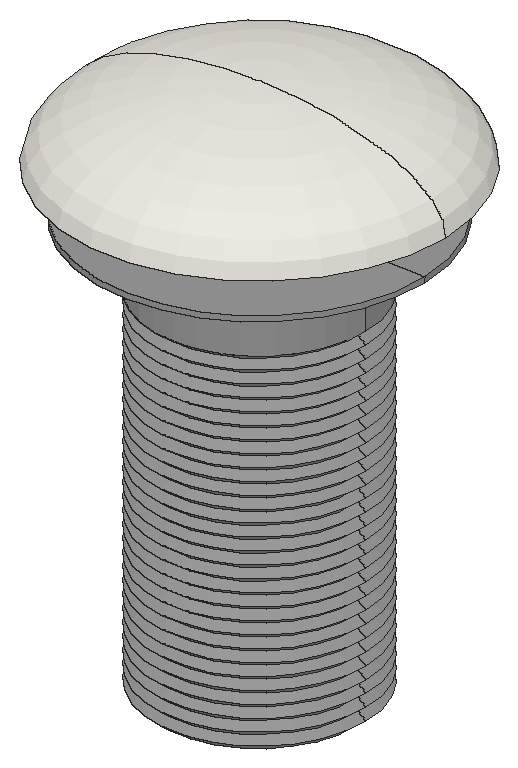
Revit family "BUILDMAT-POPCALCM-32MM_Pop_Up_Waste-Aster_Calcatta", category Plumbing Fixtures, Revit 2026
Family settings
  Round Connector Dimension = Use Diameter
  Part Type = Normal
  Work Plane-Based = Yes
  Enable Cutting in Views = Yes
  Always vertical = Yes
  Cut with Voids When Loaded = Yes
  Maintain Annotation Orientation = No
  Shared = No
  Room Calculation Point = No
Parameters
  Width = 70 mm
  PopUp_Material = BM_ASTER CALCATTA
  MainBody_Material = BM_STAINLESS STEEL
  Lock_Material = BM_BRASS GOLD
  Depth = 70 mm
  Default Elevation = 1219.2 mm
Reference planes
  plane 1 "Center (Front/Back)": y = 0
  plane 2: z = 0
  plane 3 "Center (Left/Right)": x = 0
  plane 4: z = 1
  plane 5: z = -5
  plane 6: z = -12
  plane 7: z = -78.68
  plane 8: z = 6
  plane 9: z = 9
  plane 10: z = 22.977
  plane 11: x = 35
  plane 12: x = -35
  plane 13: y = 35
  plane 14: y = -35
Forms (mm)
  Revolve 1, solid, material "BM_STAINLESS STEEL" <- "MainBody_Material"
    sketch origin (0, 0, -0.397) x (1, 0, 0) y (0, 0, 1)
      loop
        line (0, 1.248) -> (0, -11.603) -> (-20.005, -11.603) -> (-20.005, -3.848)
        arc (-20.005, -3.848) -> (-20.487, -2.811) -> (-21.458, -2.207) r 2
        line (-21.458, -2.207) -> (-31.017, 0.397) -> (-31.017, 1.397) -> (0, 1.397)
      axis (0, 1.397) -> (0, -11.603)
    angle from 0 to 360
  Revolve 2, solid, material "BM_STAINLESS STEEL" <- "MainBody_Material"
    sketch origin (0, 0, -4.369) x (1, 0, 0) y (0, 0, 1)
      loop
        line (0, -7.631) -> (-19.969, -7.631) -> (-18.48, -8.794) -> (-19.975, -9.962) -> (-18.48, -11.131) -> (-19.975, -12.299) -> (-18.48, -13.467) -> (-19.975, -14.635) -> (-18.48, -15.803) -> (-19.975, -16.971) -> (-18.48, -18.139) -> (-19.975, -19.308) -> (-18.48, -20.476) -> (-19.975, -21.644) -> (-18.48, -22.812) -> (-19.975, -23.98) -> (-18.48, -25.148) -> (-19.975, -26.316) -> (-18.48, -27.485) -> (-19.975, -28.653) -> (-18.48, -29.821) -> (-19.975, -30.989) -> (-18.48, -32.157) -> (-19.975, -33.325) -> (-18.48, -34.493) -> (-19.975, -35.662) -> (-18.48, -36.83) -> (-19.975, -37.998) -> (-18.48, -39.166) -> (-19.975, -40.334) -> (-18.48, -41.502) -> (-19.975, -42.67) -> (-18.48, -43.839) -> (-19.975, -45.007) -> (-18.48, -46.175) -> (-19.975, -47.343) -> (-18.48, -48.511) -> (-19.975, -49.679) -> (-18.48, -50.847) -> (-19.975, -52.016) -> (-18.48, -53.184) -> (-19.975, -54.352) -> (-18.48, -55.52) -> (-19.975, -56.688) -> (-18.48, -57.856) -> (-19.975, -59.024) -> (-18.48, -60.193) -> (-19.975, -61.361) -> (-18.48, -62.529) -> (-19.975, -63.697) -> (-18.48, -64.865) -> (-19.975, -66.033) -> (-18.48, -67.201) -> (-19.975, -68.369) -> (-18.48, -69.538) -> (-19.975, -70.706) -> (-18.48, -71.874) -> (-19.975, -73.042) -> (-18.351, -74.311) -> (0, -74.311) -> (0, -7.631)
      axis (0, -7.631) -> (0, -74.311)
    angle from 0 to 360
  Extrusion 3, solid, material "BM_BRASS GOLD" <- "Lock_Material"
    sketch origin (0, 0, 0) x (1, 0, 0) y (0, 1, 0)
      loop
        circle (0, 0) r 14.5
    from 1 to 6
  Revolve 4, solid, material "BM_ASTER CALCATTA" <- "PopUp_Material"
    sketch origin (0, 0, 8.488) x (1, 0, 0) y (0, 0, 1)
      loop
        arc (-19.017, 0.512) -> (-18.008, -0.858) -> (-17.517, -2.488) r 5
        line (-17.517, -2.488) -> (0, -2.488) -> (0, 0.512) -> (0, 14.512)
        spline (0, 14.512) -> (-4.569, 14.392) -> (-9.06, 14.034) -> (-13.395, 13.445) -> (-17.501, 12.635) -> (-21.308, 11.617) -> (-24.75, 10.41) -> (-27.768, 9.033) -> (-30.311, 7.51) -> (-32.336, 5.868) -> (-33.808, 4.135) -> (-34.701, 2.339) -> (-35, 0.512)
        line (-35, 0.512) -> (-19.017, 0.512)
      axis (0, 14.512) -> (0, -2.488)
    angle from 0 to 360
Text (mm)
  text "Refer to www.buildmat.com.au for the most current product literature. \nAllow a +/- 5mm tolerance for dimensions shown in the product literature. \nPlease note product details are subject to change due to ongoing product development." at (-1.255, -131.559, 0), in view "Ref. Level"
Dimensions and locks
  plane 4 to plane 7 = 79.68 mm
  "Depth": plane 13 to plane 14
  equal spacing: plane 13, plane 1 "Center (Front/Back)", plane 14
  "Width": plane 12 to plane 11
  equal spacing: plane 12, plane 3 "Center (Left/Right)", plane 11
  aligned and locked: level to plane 2
Automatic sketch dimensions
  Revolve 1 sketch curve to level = 0 mm
  Revolve 1 sketch curve to plane 4 = 0 mm
  Revolve 1 sketch curve to plane 6 = 0 mm  (x2)
  Revolve 1 sketch curve to plane 3 "Center (Left/Right)" = 0 mm  (x3)
  plane 5 to Revolve 1 sketch curve = 0.755 mm
  plane 12 to Revolve 1 sketch curve = 14.995 mm
  plane 5 to Revolve 1 sketch curve = 2.396 mm
  Revolve 1 sketch curve to Revolve 1 sketch curve = 1.453 mm
  plane 5 to Revolve 1 sketch curve = 0.466 mm
  plane 12 to Revolve 1 sketch curve = 3.983 mm
  Revolve 1 sketch curve to plane 4 = 0.149 mm
  Revolve 1 sketch curve to Revolve 1 sketch curve = 0.245 mm
  Revolve 2 sketch curve to plane 6 = 0 mm
  Revolve 2 sketch curve to plane 7 = 0 mm
  Revolve 2 sketch curve to plane 3 "Center (Left/Right)" = 0 mm  (x2)
  plane 12 to Revolve 2 sketch curve = 16.649 mm
  plane 12 to Revolve 2 sketch curve = 16.52 mm
  Revolve 2 sketch curve to Revolve 2 sketch curve = 0.129 mm
  Revolve 2 sketch curve to Revolve 2 sketch curve = 0 mm  (x26)
  plane 7 to Revolve 2 sketch curve = 7.11 mm
  plane 7 to Revolve 2 sketch curve = 4.773 mm
  plane 7 to Revolve 2 sketch curve = 2.437 mm
  Revolve 2 sketch curve to plane 6 = 1.163 mm
  Revolve 2 sketch curve to plane 6 = 3.499 mm
  Revolve 2 sketch curve to plane 6 = 5.836 mm
  Revolve 2 sketch curve to plane 6 = 8.172 mm
  Revolve 2 sketch curve to Revolve 2 sketch curve = 1.489 mm
  Revolve 2 sketch curve to Revolve 2 sketch curve = 1.495 mm  (x28)
  Revolve 2 sketch curve to plane 6 = 7.004 mm
  Revolve 2 sketch curve to plane 6 = 4.667 mm
  Revolve 2 sketch curve to plane 6 = 2.331 mm
  plane 7 to Revolve 2 sketch curve = 3.605 mm
  plane 7 to Revolve 2 sketch curve = 5.941 mm
  plane 7 to Revolve 2 sketch curve = 1.269 mm
  Revolve 2 sketch curve to Revolve 2 sketch curve = 1.168 mm  (x43)
  Revolve 2 sketch curve to Revolve 2 sketch curve = 0.1 mm
  Revolve 2 sketch curve to Revolve 2 sketch curve = 0.211 mm
  plane 1 "Center (Front/Back)" to Extrusion 3 sketch curve = 0 mm
  Extrusion 3 sketch curve to plane 3 "Center (Left/Right)" = 0 mm
  Revolve 4 sketch curve to plane 9 = 0 mm  (x2)
  Revolve 4 sketch curve to plane 12 = 0 mm
  Revolve 4 sketch curve to plane 8 = 0 mm
  Revolve 4 sketch curve to plane 3 "Center (Left/Right)" = 0 mm  (x2)
  Revolve 4 sketch curve to plane 8 = 0.607 mm
  plane 12 to Revolve 4 sketch curve = 12.52 mm
  Revolve 4 sketch curve to Revolve 4 sketch curve = 3.463 mm
  plane 10 to Revolve 4 sketch curve = 0.023 mm
  plane 3 "Center (Left/Right)" to Revolve 4 sketch curve = 0.017 mm
  Revolve 4 sketch curve to Revolve 4 sketch curve = 0.512 mm
  Revolve 4 sketch curve to Revolve 4 sketch curve = 0.001 mm
  radius of Extrusion 3 sketch curve = 14.5 mm
